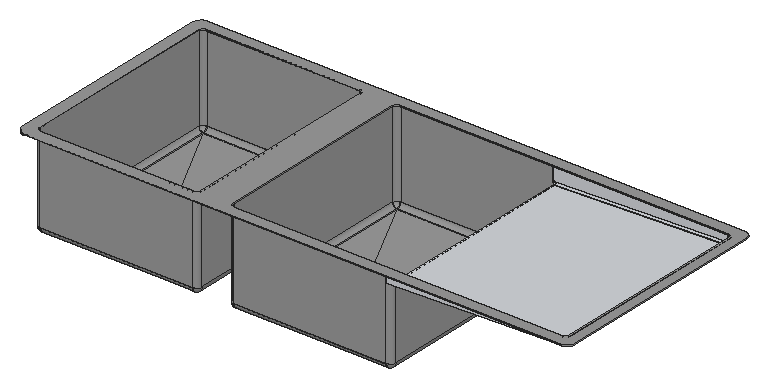
Revit family "BUILDMAT-SNA0022-Theo-1200-Drainboard-Stainless-Steel", category Plumbing Fixtures, host Face, Revit 2022
Family settings
  Host = Face
  Round Connector Dimension = Use Diameter
  Part Type = Normal
  Cut with Voids When Loaded = No
  Maintain Annotation Orientation = No
  Shared = No
  Room Calculation Point = No
Parameters (values of type "Theo 1200 Stainless Steel")
  Width 2 = 350.0 mm
  Width 1 = 350.0 mm
  Undermount [instance] = 20.0 mm
  URL = "https://www.buildmat.com.au/products/1200x500-sink"
  Sound Pad 2 = yes
  Sound Pad 1 = yes
  Model = "SNA0022"  # constant formula
  Manufacturer = "BUILDMAT"  # constant formula
  Length = 450.0 mm
  Gap = 70.0 mm
  Drainboard Length = 380.0 mm
  Drain Sound Pad 2 = yes
  Drain Sound Pad 1 = yes
  Description = "Theo 1200x500 Double Bowl with Drain Board Sink"  # constant formula
  Depth = 205.0 mm
  Default Elevation = 1200.0 mm
  D. S. Pad 2 = 175.0 mm
  D. S. Pad 1 = 200.0 mm
  D. Bracket 4 = 50.0 mm
  D. Bracket 3 = 50.0 mm
  D. Bracket 2 = 50.0 mm
  D. Bracket 1 = 100.0 mm
  Created = "22.12.2023"  # constant formula
  Brand = "Alma"  # constant formula
  Bracket 4 = yes
  Bracket 3 = yes
  Bracket 2 = yes
  Bracket 1 = yes
  Material = ALMA Stainless Steel
Reference planes
  plane 1 "Center (Front/Back)": y = 0
  plane 2: z = 0
  plane 3 "Center (Left/Right)": x = 0
  plane 4: x = -35
  plane 5: x = 35
  plane 6: x = -385
  plane 7: x = 385
  plane 8: y = -225
  plane 9: y = 225
  plane 10: x = -410
  plane 11: y = -250
  plane 12: y = 250
  plane 13: x = 210
  plane 14: x = -210
  plane 15: y = 215
  plane 16: y = -215
  plane 17: x = -375
  plane 18: x = -45
  plane 19: x = 45
  plane 20: x = 375
  plane 21: y = 226.5
  plane 22: y = -226.5
  plane 23: x = -386.5
  plane 24: x = -33.5
  plane 25: x = 33.5
  plane 26: x = 386.5
  plane 27: x = -267
  plane 28: x = -153
  plane 29: x = -165
  plane 30: x = -255
  plane 31: x = 153
  plane 32: x = 165
  plane 33: x = 255
  plane 34: x = 267
  plane 35 "Sound Pad 1": x = -185
  plane 36 "Sound Pad 2": x = 210
  plane 37 "Top Substrate": z = -20
  plane 38: z = -18.5
  plane 39 "Bottom Void": z = -225
  plane 40: z = -215
  plane 41: z = -205
  plane 42: z = -220
  plane 43: z = -221.481
  plane 44: z = -216.5
  plane 45 "Sound Pad": z = -125
  plane 46 "Bracket 1": x = -285
  plane 47 "Bracket 2": x = -85
  plane 48 "Bracket 3": x = 85
  plane 49 "Bracket 4": x = 335
  plane 50: y = 125
  plane 51: y = -125
  plane 52: x = -310
  plane 53: x = -110
  plane 54: x = 110
  plane 55: x = 310
  plane 56: z = -185
  plane 57: z = -165
  plane 58 "Drainboard": x = 765
  plane 59: x = 790
  plane 60: x = 766.5
  plane 61: x = 755
  plane 62: z = -35
  plane 63: z = -50
  plane 64: x = 665
Forms (mm)
  Extrusion 1, void
    sketch origin (0, 0, 0) x (1, 0, 0) y (0, 1, 0)
      loop
        arc (-375, 225) -> (-382.071, 222.071) -> (-385, 215) r 10
        line (-385, 215) -> (-385, -215)
        arc (-385, -215) -> (-382.071, -222.071) -> (-375, -225) r 10
        line (-375, -225) -> (755, -225)
        arc (755, -225) -> (762.071, -222.071) -> (765, -215) r 10
        line (765, -215) -> (765, 215)
        arc (765, 215) -> (762.071, 222.071) -> (755, 225) r 10
        line (755, 225) -> (-375, 225)
    from 0 to -18.5
  Extrusion 2, void
    sketch origin (0, 0, 0) x (1, 0, 0) y (0, 1, 0)
      loop
        arc (-390, 250) -> (-404.142, 244.142) -> (-410, 230) r 20
        line (-410, 230) -> (-410, -230)
        arc (-410, -230) -> (-404.142, -244.142) -> (-390, -250) r 20
        line (-390, -250) -> (770, -250)
        arc (770, -250) -> (784.142, -244.142) -> (790, -230) r 20
        line (790, -230) -> (790, 230)
        arc (790, 230) -> (784.142, 244.142) -> (770, 250) r 20
        line (770, 250) -> (-390, 250)
    from -20 to -18.5
  Extrusion 3, void
    sketch origin (0, 0, 0) x (1, 0, 0) y (0, 1, 0)
      loop
        line (-386.5, 226.5) -> (-386.5, -226.5) -> (766.5, -226.5) -> (766.5, 226.5) -> (-386.5, 226.5)
    from -225 to -20
  Extrusion 4, solid, material "ALMA Stainless Steel" <- "Material"
    sketch origin (0, 0, -20) x (-1, 0, 0) y (0, -1, 0)
      loop
        arc (390, -250) -> (404.142, -244.142) -> (410, -230) r 20
        line (410, -230) -> (410, 230)
        arc (410, 230) -> (404.142, 244.142) -> (390, 250) r 20
        line (390, 250) -> (-770, 250)
        arc (-770, 250) -> (-784.142, 244.142) -> (-790, 230) r 20
        line (-790, 230) -> (-790, -230)
        arc (-790, -230) -> (-784.142, -244.142) -> (-770, -250) r 20
        line (-770, -250) -> (390, -250)
      loop
        arc (375, -225) -> (382.071, -222.071) -> (385, -215) r 10
        line (385, -215) -> (385, 215)
        arc (385, 215) -> (382.071, 222.071) -> (375, 225) r 10
        line (375, 225) -> (45, 225)
        arc (45, 225) -> (37.929, 222.071) -> (35, 215) r 10
        line (35, 215) -> (35, -215)
        arc (35, -215) -> (37.929, -222.071) -> (45, -225) r 10
        line (45, -225) -> (375, -225)
      loop
        line (-35, -215) -> (-35, 215)
        arc (-35, 215) -> (-37.929, 222.071) -> (-45, 225) r 10
        line (-45, 225) -> (-755, 225)
        arc (-755, 225) -> (-762.071, 222.071) -> (-765, 215) r 10
        line (-765, 215) -> (-765, -215)
        arc (-765, -215) -> (-762.071, -222.071) -> (-755, -225) r 10
        line (-755, -225) -> (-45, -225)
        arc (-45, -225) -> (-37.929, -222.071) -> (-35, -215) r 10
    from 0 to 1.5
  Extrusion 5, solid, material "ALMA Stainless Steel" <- "Material"
    sketch origin (0, 0, -20) x (-1, 0, 0) y (0, -1, 0)
      loop
        arc (375, -225) -> (382.071, -222.071) -> (385, -215) r 10
        line (385, -215) -> (385, 215)
        arc (385, 215) -> (382.071, 222.071) -> (375, 225) r 10
        line (375, 225) -> (45, 225)
        arc (45, 225) -> (37.929, 222.071) -> (35, 215) r 10
        line (35, 215) -> (35, -215)
        arc (35, -215) -> (37.929, -222.071) -> (45, -225) r 10
        line (45, -225) -> (375, -225)
      loop
        arc (375, -226.5) -> (383.132, -223.132) -> (386.5, -215) r 11.5
        line (386.5, -215) -> (386.5, 215)
        arc (386.5, 215) -> (383.132, 223.132) -> (375, 226.5) r 11.5
        line (375, 226.5) -> (45, 226.5)
        arc (45, 226.5) -> (36.868, 223.132) -> (33.5, 215) r 11.5
        line (33.5, 215) -> (33.5, -215)
        arc (33.5, -215) -> (36.868, -223.132) -> (45, -226.5) r 11.5
        line (45, -226.5) -> (375, -226.5)
    from 0 to -185
  Extrusion 6, solid, material "ALMA Stainless Steel" <- "Material"
    sketch origin (0, 0, -20) x (-1, 0, 0) y (0, -1, 0)
      loop
        arc (-45, -225) -> (-37.929, -222.071) -> (-35, -215) r 10
        line (-35, -215) -> (-35, 215)
        arc (-35, 215) -> (-37.929, 222.071) -> (-45, 225) r 10
        line (-45, 225) -> (-375, 225)
        arc (-375, 225) -> (-382.071, 222.071) -> (-385, 215) r 10
        line (-385, 215) -> (-385, -215)
        arc (-385, -215) -> (-382.071, -222.071) -> (-375, -225) r 10
        line (-375, -225) -> (-45, -225)
      loop
        line (-33.5, -215) -> (-33.5, 215)
        arc (-33.5, 215) -> (-36.868, 223.132) -> (-45, 226.5) r 11.5
        line (-45, 226.5) -> (-375, 226.5)
        arc (-375, 226.5) -> (-383.132, 223.132) -> (-386.5, 215) r 11.5
        line (-386.5, 215) -> (-386.5, -215)
        arc (-386.5, -215) -> (-383.132, -223.132) -> (-375, -226.5) r 11.5
        line (-375, -226.5) -> (-45, -226.5)
        arc (-45, -226.5) -> (-36.868, -223.132) -> (-33.5, -215) r 11.5
    from 0 to -185
  Extrusion 7, solid, material "ALMA Stainless Steel" <- "Material"
    sketch origin (0, 0, 0) x (1, 0, 0) y (0, 0, 1)
      loop
        line (-385, -205) -> (-386.5, -205)
        arc (-386.5, -205) -> (-383.132, -213.132) -> (-375, -216.5) r 11.5
        line (-375, -216.5) -> (-375, -215)
        arc (-375, -215) -> (-382.071, -212.071) -> (-385, -205) r 10
    from -215 to 215
  Extrusion 8, solid, material "ALMA Stainless Steel" <- "Material"
    sketch origin (0, 0, 0) x (1, 0, 0) y (0, 0, 1)
      loop
        arc (-35, -205) -> (-37.929, -212.071) -> (-45, -215) r 10
        line (-45, -215) -> (-45, -216.5)
        arc (-45, -216.5) -> (-36.868, -213.132) -> (-33.5, -205) r 11.5
        line (-33.5, -205) -> (-35, -205)
    from -215 to 215
  Extrusion 9, solid, material "ALMA Stainless Steel" <- "Material"
    sketch origin (0, 0, 0) x (1, 0, 0) y (0, 0, 1)
      loop
        line (35, -205) -> (33.5, -205)
        arc (33.5, -205) -> (36.868, -213.132) -> (45, -216.5) r 11.5
        line (45, -216.5) -> (45, -215)
        arc (45, -215) -> (37.929, -212.071) -> (35, -205) r 10
    from -215 to 215
  Extrusion 10, solid, material "ALMA Stainless Steel" <- "Material"
    sketch origin (0, 0, 0) x (1, 0, 0) y (0, 0, 1)
      loop
        arc (385, -205) -> (382.071, -212.071) -> (375, -215) r 10
        line (375, -215) -> (375, -216.5)
        arc (375, -216.5) -> (383.132, -213.132) -> (386.5, -205) r 11.5
        line (386.5, -205) -> (385, -205)
    from -215 to 215
  Extrusion 11, solid, material "ALMA Stainless Steel" <- "Material"
    sketch origin (0, 0, 0) x (0, 1, 0) y (0, 0, 1)
      loop
        line (226.5, -205) -> (225, -205)
        arc (225, -205) -> (222.071, -212.071) -> (215, -215) r 10
        line (215, -215) -> (215, -216.5)
        arc (215, -216.5) -> (223.132, -213.132) -> (226.5, -205) r 11.5
    from 45 to 375
  Extrusion 12, solid, material "ALMA Stainless Steel" <- "Material"
    sketch origin (0, 0, 0) x (0, 1, 0) y (0, 0, 1)
      loop
        line (-225, -205) -> (-226.5, -205)
        arc (-226.5, -205) -> (-223.132, -213.132) -> (-215, -216.5) r 11.5
        line (-215, -216.5) -> (-215, -215)
        arc (-215, -215) -> (-222.071, -212.071) -> (-225, -205) r 10
    from 45 to 375
  Extrusion 13, solid, material "ALMA Stainless Steel" <- "Material"
    sketch origin (0, 0, 0) x (0, 1, 0) y (0, 0, 1)
      loop
        arc (225, -205) -> (222.071, -212.071) -> (215, -215) r 10
        line (215, -215) -> (215, -216.5)
        arc (215, -216.5) -> (223.132, -213.132) -> (226.5, -205) r 11.5
        line (226.5, -205) -> (225, -205)
    from -375 to -45
  Extrusion 14, solid, material "ALMA Stainless Steel" <- "Material"
    sketch origin (0, 0, 0) x (0, 1, 0) y (0, 0, 1)
      loop
        line (-225, -205) -> (-226.5, -205)
        arc (-226.5, -205) -> (-223.132, -213.132) -> (-215, -216.5) r 11.5
        line (-215, -216.5) -> (-215, -215)
        arc (-215, -215) -> (-222.071, -212.071) -> (-225, -205) r 10
    from -375 to -45
  Revolve 15, solid, material "ALMA Stainless Steel" <- "Material"
    sketch origin (-423.435, 215, 4000) x (-1, 0, 0) y (0, 0, 1)
      loop
        arc (-38.435, -4205) -> (-41.364, -4212.071) -> (-48.435, -4215) r 10
        line (-48.435, -4215) -> (-48.435, -4216.5)
        arc (-48.435, -4216.5) -> (-40.304, -4213.132) -> (-36.935, -4205) r 11.5
        line (-36.935, -4205) -> (-38.435, -4205)
      axis (-48.435, -4205) -> (-48.435, -4216.5)
    angle from -90 to 0
  Revolve 16, solid, material "ALMA Stainless Steel" <- "Material"
    sketch origin (-423.435, 215, 4000) x (-1, 0, 0) y (0, 0, 1)
      loop
        line (-388.435, -4205) -> (-389.935, -4205)
        arc (-389.935, -4205) -> (-386.567, -4213.132) -> (-378.435, -4216.5) r 11.5
        line (-378.435, -4216.5) -> (-378.435, -4215)
        arc (-378.435, -4215) -> (-385.506, -4212.071) -> (-388.435, -4205) r 10
      axis (-378.435, -4205) -> (-378.435, -4216.5)
    angle from -90 to 0
  Revolve 17, solid, material "ALMA Stainless Steel" <- "Material"
    sketch origin (-423.435, 215, 4000) x (-1, 0, 0) y (0, 0, 1)
      loop
        arc (-458.435, -4205) -> (-461.364, -4212.071) -> (-468.435, -4215) r 10
        line (-468.435, -4215) -> (-468.435, -4216.5)
        arc (-468.435, -4216.5) -> (-460.304, -4213.132) -> (-456.935, -4205) r 11.5
        line (-456.935, -4205) -> (-458.435, -4205)
      axis (-468.435, -4205) -> (-468.435, -4216.5)
    angle from -90 to 0
  Revolve 18, solid, material "ALMA Stainless Steel" <- "Material"
    sketch origin (-423.435, 215, 4000) x (-1, 0, 0) y (0, 0, 1)
      loop
        line (-808.435, -4205) -> (-809.935, -4205)
        arc (-809.935, -4205) -> (-806.567, -4213.132) -> (-798.435, -4216.5) r 11.5
        line (-798.435, -4216.5) -> (-798.435, -4215)
        arc (-798.435, -4215) -> (-805.506, -4212.071) -> (-808.435, -4205) r 10
      axis (-798.435, -4205) -> (-798.435, -4216.5)
    angle from -90 to 0
  Revolve 19, solid, material "ALMA Stainless Steel" <- "Material"
    sketch origin (-423.435, -215, 4000) x (-1, 0, 0) y (0, 0, 1)
      loop
        arc (-38.435, -4205) -> (-41.364, -4212.071) -> (-48.435, -4215) r 10
        line (-48.435, -4215) -> (-48.435, -4216.5)
        arc (-48.435, -4216.5) -> (-40.304, -4213.132) -> (-36.935, -4205) r 11.5
        line (-36.935, -4205) -> (-38.435, -4205)
      axis (-48.435, -4205) -> (-48.435, -4216.5)
    angle from 0 to 90
  Revolve 20, solid, material "ALMA Stainless Steel" <- "Material"
    sketch origin (-423.435, -215, 4000) x (-1, 0, 0) y (0, 0, 1)
      loop
        arc (-389.935, -4205) -> (-386.567, -4213.132) -> (-378.435, -4216.5) r 11.5
        line (-378.435, -4216.5) -> (-378.435, -4215)
        arc (-378.435, -4215) -> (-385.506, -4212.071) -> (-388.435, -4205) r 10
        line (-388.435, -4205) -> (-389.935, -4205)
      axis (-378.435, -4205) -> (-378.435, -4216.5)
    angle from 0 to 90
  Revolve 21, solid, material "ALMA Stainless Steel" <- "Material"
    sketch origin (-423.435, -215, 4000) x (-1, 0, 0) y (0, 0, 1)
      loop
        line (-456.935, -4205) -> (-458.435, -4205)
        arc (-458.435, -4205) -> (-461.364, -4212.071) -> (-468.435, -4215) r 10
        line (-468.435, -4215) -> (-468.435, -4216.5)
        arc (-468.435, -4216.5) -> (-460.304, -4213.132) -> (-456.935, -4205) r 11.5
      axis (-468.435, -4205) -> (-468.435, -4216.5)
    angle from 0 to 90
  Revolve 22, solid, material "ALMA Stainless Steel" <- "Material"
    sketch origin (-423.435, -215, 4000) x (-1, 0, 0) y (0, 0, 1)
      loop
        arc (-809.935, -4205) -> (-806.567, -4213.132) -> (-798.435, -4216.5) r 11.5
        line (-798.435, -4216.5) -> (-798.435, -4215)
        arc (-798.435, -4215) -> (-805.506, -4212.071) -> (-808.435, -4205) r 10
        line (-808.435, -4205) -> (-809.935, -4205)
      axis (-798.435, -4205) -> (-798.435, -4216.5)
    angle from 0 to 90
  Extrusion 23, solid, material "ALMA Stainless Steel" <- "Material"
    sketch origin (0, 0, -20) x (-1, 0, 0) y (0, -1, 0)
      loop
        line (45, -215) -> (375, -215) -> (375, 215) -> (45, 215) -> (45, -215)
    from -196.5 to -195
  Extrusion 24, solid, material "ALMA Stainless Steel" <- "Material"
    sketch origin (0, 0, -20) x (-1, 0, 0) y (0, -1, 0)
      loop
        line (-45, -215) -> (-45, 215) -> (-375, 215) -> (-375, -215) -> (-45, -215)
    from -196.5 to -195
  Blend 25, solid, material "ALMA Stainless Steel" <- "Material"
    base sketch origin (0, 0, -20) x (-1, 0, 0) y (0, -1, 0)
      loop
        circle (210, 0) r 57
    top sketch origin (0, 0, -20) x (-1, 0, 0) y (0, -1, 0)
      loop
        line (375, -215) -> (375, 215) -> (45, 215) -> (45, -215) -> (375, -215)
    from -201.481 to -196.5
  Blend 26, solid, material "ALMA Stainless Steel" <- "Material"
    base sketch origin (0, 0, -20) x (-1, 0, 0) y (0, -1, 0)
      loop
        circle (-210, 0) r 57
    top sketch origin (0, 0, -20) x (-1, 0, 0) y (0, -1, 0)
      loop
        line (-45, -215) -> (-45, 215) -> (-375, 215) -> (-375, -215) -> (-45, -215)
    from -201.481 to -196.5
  Blend 27, void
    base sketch origin (0, 0, -20) x (-1, 0, 0) y (0, -1, 0)
      loop
        circle (210, 0) r 57
    top sketch origin (0, 0, -20) x (-1, 0, 0) y (0, -1, 0)
      loop
        line (375, -215) -> (375, 215) -> (45, 215) -> (45, -215) -> (375, -215)
    from -200 to -195
  Blend 28, void
    base sketch origin (0, 0, -20) x (-1, 0, 0) y (0, -1, 0)
      loop
        circle (-210, 0) r 57
    top sketch origin (0, 0, -20) x (-1, 0, 0) y (0, -1, 0)
      loop
        line (-45, -215) -> (-45, 215) -> (-375, 215) -> (-375, -215) -> (-45, -215)
    from -200 to -195
  Extrusion 29, void
    sketch origin (0, 0, -225) x (-1, 0, 0) y (0, -1, 0)
      loop
        circle (210, 0) r 57
    from 0 to 5
  Extrusion 30, void
    sketch origin (0, 0, -225) x (-1, 0, 0) y (0, -1, 0)
      loop
        circle (-210, 0) r 57
    from 0 to 5
  Revolve 31, solid, material "ALMA Stainless Steel" <- "Material"
    sketch origin (0, 0, 0) x (1, 0, 0) y (0, 0, 1)
      loop
        spline (-267, -220) -> (-266.897, -220.653) -> (-266.591, -221.294) -> (-266.087, -221.913) -> (-265.392, -222.5) -> (-264.52, -223.044) -> (-263.485, -223.536) -> (-262.305, -223.967) -> (-261, -224.33) -> (-259.592, -224.619) -> (-258.106, -224.83) -> (-256.566, -224.957) -> (-255, -225)
        line (-255, -225) -> (-255, -223.5)
        spline (-255, -223.5) -> (-256.371, -223.47) -> (-257.718, -223.381) -> (-259.018, -223.234) -> (-260.25, -223.031) -> (-261.392, -222.777) -> (-262.425, -222.475) -> (-263.33, -222.131) -> (-264.093, -221.75) -> (-264.701, -221.339) -> (-265.142, -220.906) -> (-265.41, -220.457) -> (-265.5, -220)
        line (-265.5, -220) -> (-267, -220)
      axis (-210, -225) -> (-210, -220)
    angle from 0 to 360
  Revolve 32, solid, material "ALMA Stainless Steel" <- "Material"
    sketch origin (0, 0, 0) x (1, 0, 0) y (0, 0, 1)
      loop
        line (267, -220) -> (265.5, -220)
        spline (265.5, -220) -> (265.41, -220.457) -> (265.142, -220.906) -> (264.701, -221.339) -> (264.093, -221.75) -> (263.33, -222.131) -> (262.425, -222.475) -> (261.392, -222.777) -> (260.25, -223.031) -> (259.018, -223.234) -> (257.718, -223.381) -> (256.371, -223.47) -> (255, -223.5)
        line (255, -223.5) -> (255, -225)
        spline (255, -225) -> (256.566, -224.957) -> (258.106, -224.83) -> (259.592, -224.619) -> (261, -224.33) -> (262.305, -223.967) -> (263.485, -223.536) -> (264.52, -223.044) -> (265.392, -222.5) -> (266.087, -221.913) -> (266.591, -221.294) -> (266.897, -220.653) -> (267, -220)
      axis (210, -220) -> (210, -225)
    angle from 0 to 360
  Extrusion 33, solid
    sketch origin (0, 0, 0) x (1, 0, 0) y (0, 0, 1)
      loop
        line (375, -50) -> (766.5, -35) -> (766.5, -20) -> (765, -20) -> (765, -33.561) -> (375, -48.499) -> (375, -50)
    from -215 to 215
  Revolve 34, solid
    sketch origin (-423.435, 215, 4000) x (-1, 0, 0) y (0, 0, 1)
      loop
        line (-1189.935, -4035) -> (-1178.435, -4035.441) -> (-1178.435, -4033.944) -> (-1188.435, -4033.561) -> (-1188.435, -4020) -> (-1189.935, -4020) -> (-1189.935, -4035)
      axis (-1178.435, -4035.441) -> (-1178.435, -4020)
    angle from -90 to 0
  Revolve 35, solid
    sketch origin (-423.435, -215, 4000) x (-1, 0, 0) y (0, 0, 1)
      loop
        line (-1189.935, -4035) -> (-1178.435, -4035.441) -> (-1178.435, -4033.944) -> (-1188.435, -4033.561) -> (-1188.435, -4020) -> (-1189.935, -4020) -> (-1189.935, -4035)
      axis (-1178.435, -4035.441) -> (-1178.435, -4020)
    angle from 0 to 90
  SweptBlend 36, solid
    path origin (0, 0, -20) x (-1, 0, 0) y (0, -1, 0)
      loop
        line (-375, -225) -> (-755, -225)
    profile origin (375, 225, -20) x (0, 1, 0) y (0, 0, 1)
      loop
        line (0, -28.084) -> (-10, -28.499) -> (-10, -30) -> (1.5, -29.523) -> (1.5, 0) -> (0, 0) -> (0, -28.084)
    end profile origin (755, 225, -20) x (0, 1, 0) y (0, 0, 1)
      loop
        line (0, -13.561) -> (-10, -13.976) -> (-10, -15.477) -> (1.5, -15) -> (1.5, 0) -> (0, 0) -> (0, -13.561)
  Extrusion 37, void
    sketch origin (0, 0, -20) x (-1, 0, 0) y (0, -1, 0)
      loop
        arc (-385, -215) -> (-382.071, -222.071) -> (-375, -225) r 10
        line (-375, -225) -> (-375, 225)
        arc (-375, 225) -> (-382.071, 222.071) -> (-385, 215) r 10
        line (-385, 215) -> (-385, -215)
    from -30 to 0
  SweptBlend 38, solid
    path origin (0, 0, -20) x (-1, 0, 0) y (0, -1, 0)
      loop
        line (-375, 215) -> (-755, 215)
    profile origin (375, -215, -20) x (0, 1, 0) y (0, 0, 1)
      loop
        line (-11.5, -29.523) -> (0, -30) -> (0, -28.499) -> (-10, -28.084) -> (-10, 0) -> (-11.5, 0) -> (-11.5, -29.523)
    end profile origin (755, -215, -20) x (0, 1, 0) y (0, 0, 1)
      loop
        line (0, -15.477) -> (0, -13.976) -> (-10, -13.561) -> (-10, 0) -> (-11.5, 0) -> (-11.5, -15) -> (0, -15.477)
  SweptBlend 39, void
    path origin (0, 0, -20) x (-1, 0, 0) y (0, -1, 0)
      loop
        line (-375, 0) -> (-755, 0)
    profile origin (375, 0, -20) x (0, 1, 0) y (0, 0, 1)
      loop
        line (-215, -30) -> (215, -30) -> (226.5, -29.523) -> (226.5, 0) -> (-226.5, 0) -> (-226.5, -29.523) -> (-215, -30)
    end profile origin (755, 0, -20) x (0, 1, 0) y (0, 0, 1)
      loop
        line (226.5, 0) -> (-226.5, 0) -> (-226.5, -15) -> (226.5, -15) -> (226.5, 0)
Cuts and joins
  Blend 27, Extrusion 29 cuts Extrusion 23
  Blend 27, Extrusion 29 cuts Blend 25
  joined: Extrusion 23, Blend 25
  Blend 28, Extrusion 30 cuts Extrusion 24
  Blend 28, Extrusion 30 cuts Blend 26
  joined: Extrusion 24, Blend 26
  Extrusion 37 cuts Extrusion 33
  Extrusion 37 cuts SweptBlend 36
  Extrusion 37 cuts SweptBlend 38
  SweptBlend 39 cuts Extrusion 4
  SweptBlend 39 cuts Extrusion 6
  SweptBlend 39 cuts Revolve 34
  SweptBlend 39 cuts Revolve 35
Lines and regions (mm)
  Masking region 1
    outline origin (0, 0, 0) x (1, 0, 0) y (0, 0, 1)
      loop
        line (-385, -20) -> (-385, -205)
        arc (-385, -205) -> (-382.071, -212.071) -> (-375, -215) r 10
        line (-375, -215) -> (-267, -220) -> (-153, -220) -> (-45, -215)
        arc (-45, -215) -> (-37.929, -212.071) -> (-35, -205) r 10
        line (-35, -205) -> (-35, -20) -> (-385, -20)
  Masking region 2
    outline origin (0, 0, 0) x (1, 0, 0) y (0, 0, 1)
      loop
        line (35, -20) -> (35, -205)
        arc (35, -205) -> (37.609, -211.736) -> (44.076, -214.957) r 10
        line (44.076, -214.957) -> (153, -220) -> (267, -220) -> (375, -215)
        arc (375, -215) -> (382.071, -212.071) -> (385, -205) r 10
        line (385, -205) -> (385, -20) -> (35, -20)
  Masking region 3, visible <- "Drain Sound Pad 1"
    outline origin (0, 0, 0) x (1, 0, 0) y (0, 0, 1)
      loop
        line (-267, -221.481) -> (-310, -219.498) -> (-310, -225) -> (-267, -225) -> (-267, -221.481)
  Masking region 4, visible <- "Drain Sound Pad 1"
    outline origin (0, 0, 0) x (1, 0, 0) y (0, 0, 1)
      loop
        line (-153, -221.481) -> (-153, -225) -> (-110, -225) -> (-110, -219.498) -> (-153, -221.481)
  Masking region 5, visible <- "Drain Sound Pad 2"
    outline origin (0, 0, 0) x (1, 0, 0) y (0, 0, 1)
      loop
        line (110, -219.498) -> (110, -225) -> (153, -225) -> (153, -221.481) -> (110, -219.498)
  Masking region 6, visible <- "Drain Sound Pad 2"
    outline origin (0, 0, 0) x (1, 0, 0) y (0, 0, 1)
      loop
        line (310, -219.498) -> (267, -221.481) -> (267, -225) -> (310, -225) -> (310, -219.498)
  Masking region 7
    outline origin (0, 0, 0) x (1, 0, 0) y (0, 0, 1)
      loop
        line (-33.5, -165) -> (-33.5, -185) -> (33.5, -185) -> (33.5, -165) -> (-33.5, -165)
  Masking region 8
    outline origin (-423.435, -215, 4000) x (-1, 0, 0) y (0, 0, 1)
      loop
        line (-1200.935, -4020) -> (-1202.435, -4020) -> (-1202.435, -4035) -> (-1200.935, -4035) -> (-1200.935, -4020)
  Masking region 9
    outline origin (-423.435, -215, 4000) x (-1, 0, 0) y (0, 0, 1)
      loop
        line (-809.935, -4097.929) -> (-809.935, -4055.503) -> (-816.174, -4049.264) -> (-860.437, -4047.427) -> (-809.935, -4097.929)
  Masking region 10
    outline origin (0, 0, -20) x (-1, 0, 0) y (0, -1, 0)
      loop
        arc (-375, -225) -> (-382.071, -222.071) -> (-385, -215) r 10
        line (-385, -215) -> (-385, 215)
        arc (-385, 215) -> (-382.071, 222.071) -> (-375, 225) r 10
        line (-375, 225) -> (-755, 225)
        arc (-755, 225) -> (-762.071, 222.071) -> (-765, 215) r 10
        line (-765, 215) -> (-765, -215)
        arc (-765, -215) -> (-762.071, -222.071) -> (-755, -225) r 10
        line (-755, -225) -> (-375, -225)
Text (mm)
  text "Refer to www.buildmat.com.au for the most current product literature. \nAllow a +/- 5mm tolerance for dimensions shown in the product literature. \nPlease note product details are subject to change due to ongoing product development." at (0.056, -1035.857, 0), in view "Ref. Level"
Dimensions and locks
  equal spacing: plane 4, plane 3 "Center (Left/Right)", plane 5
  "Gap": plane 4 to plane 5
  "Width 1": plane 6 to plane 4
  "Width 2": plane 5 to plane 7
  equal spacing: plane 9, plane 1 "Center (Front/Back)", plane 8
  "Length": plane 8 to plane 9
  locked: plane 10 to plane 6 at 25
  locked: plane 12 to plane 9 at 25
  locked: plane 8 to plane 11 at 25
  equal spacing: plane 5, plane 13, plane 7
  equal spacing: plane 6, plane 14, plane 4
  locked: plane 9 to plane 15 at 10
  locked: plane 16 to plane 8 at 10
  locked: plane 6 to plane 17 at 10
  locked: plane 18 to plane 4 at 10
  locked: plane 5 to plane 19 at 10
  locked: plane 20 to plane 7 at 10
  locked: plane 8 to plane 22 at 1.5
  locked: plane 21 to plane 9 at 1.5
  locked: plane 23 to plane 6 at 1.5
  locked: plane 4 to plane 24 at 1.5
  locked: plane 25 to plane 5 at 1.5
  locked: plane 7 to plane 26 at 1.5
  plane 27 to plane 14 to plane 28 = 57.0 mm locked, 57.0 mm locked
  plane 30 to plane 14 to plane 29 = 45.0 mm locked, 45.0 mm locked
  plane 31 to plane 13 to plane 34 = 57.0 mm locked, 57.0 mm locked
  plane 32 to plane 13 to plane 33 = 45.0 mm locked, 45.0 mm locked
  locked: plane 38 to plane 37 "Top Substrate" at 1.5
  plane 41 to plane 40 to plane 39 "Bottom Void" = 10.0 mm locked, 10.0 mm locked
  locked: plane 42 to plane 39 "Bottom Void" at 5
  locked: plane 42 to plane 43 at 1.481
  locked: plane 40 to plane 44 at 1.5
  locked: plane 45 "Sound Pad" to plane 39 "Bottom Void" at 100
  "Depth": plane 37 "Top Substrate" to plane 39 "Bottom Void"
  "Undermount": plane 2 to plane 37 "Top Substrate"
  "D. S. Pad 1": plane 35 "Sound Pad 1" to plane 6
  "D. S. Pad 2": plane 7 to plane 36 "Sound Pad 2"
  "D. Bracket 1": plane 46 "Bracket 1" to plane 6
  "D. Bracket 2": plane 4 to plane 47 "Bracket 2"
  "D. Bracket 3": plane 48 "Bracket 3" to plane 5
  "D. Bracket 4": plane 7 to plane 49 "Bracket 4"
  locked: plane 9 to plane 50 at 100
  locked: plane 51 to plane 8 at 100
  plane 53 to plane 14 to plane 52 = 100.0 mm locked, 100.0 mm locked
  plane 55 to plane 13 to plane 54 = 100.0 mm locked, 100.0 mm locked
  plane 57 to plane 56 to plane 41 = 20.0 mm locked, 20.0 mm locked
  "Drainboard Length": plane 7 to plane 58 "Drainboard"
  locked: plane 58 "Drainboard" to plane 59 at 25
  locked: plane 58 "Drainboard" to plane 60 at 1.5
  locked: plane 61 to plane 58 "Drainboard" at 10
  plane 37 "Top Substrate" to plane 62 to plane 63 = 15.0 mm locked, 15.0 mm locked
  locked: plane 64 to plane 58 "Drainboard" at 100
  aligned and locked: plane 2 to host face
  aligned and locked: level to host face
  aligned and locked: Extrusion 1 sketch curve to plane 9
  aligned and locked: Extrusion 1 sketch curve to plane 6
  aligned and locked: Extrusion 1 sketch curve to plane 8
  aligned and locked: Extrusion 1 to level
  aligned and locked: Extrusion 1 to plane 38
  aligned and locked: Extrusion 2 sketch curve to plane 12
  aligned and locked: Extrusion 2 sketch curve to plane 10
  aligned and locked: Extrusion 2 sketch curve to plane 11
  aligned and locked: Extrusion 2 to plane 37 "Top Substrate"
  aligned and locked: Extrusion 2 to plane 38
  aligned and locked: Extrusion 3 sketch curve to plane 21
  aligned and locked: Extrusion 3 sketch curve to plane 23
  aligned and locked: Extrusion 3 sketch curve to plane 22
  aligned and locked: Extrusion 3 to plane 39 "Bottom Void"
  aligned and locked: Extrusion 3 to plane 37 "Top Substrate"
  aligned and locked: Extrusion 4 sketch curve to plane 12
  aligned and locked: Extrusion 4 sketch curve to plane 10
  aligned and locked: Extrusion 4 sketch curve to plane 11
  aligned and locked: Extrusion 4 sketch curve to plane 9  (x2)
  aligned and locked: Extrusion 4 sketch curve to plane 6
  aligned and locked: Extrusion 4 sketch curve to plane 8  (x2)
  aligned and locked: Extrusion 4 sketch curve to plane 4
  aligned and locked: Extrusion 4 sketch curve to plane 5
  aligned and locked: Extrusion 4 to plane 37 "Top Substrate"
  aligned and locked: Extrusion 4 to plane 38
  aligned and locked: Extrusion 5 sketch curve to plane 9
  aligned and locked: Extrusion 5 sketch curve to plane 21
  aligned and locked: Extrusion 5 sketch curve to plane 6
  aligned and locked: Extrusion 5 sketch curve to plane 23
  aligned and locked: Extrusion 5 sketch curve to plane 24
  aligned and locked: Extrusion 5 sketch curve to plane 4
  aligned and locked: Extrusion 5 sketch curve to plane 22
  aligned and locked: Extrusion 5 sketch curve to plane 8
  aligned and locked: Extrusion 5 to plane 41
  aligned and locked: plane 37 "Top Substrate" to Extrusion 5
  aligned and locked: Extrusion 6 sketch curve to plane 9
  aligned and locked: Extrusion 6 sketch curve to plane 7
  aligned and locked: Extrusion 6 sketch curve to plane 8
  aligned and locked: Extrusion 6 sketch curve to plane 5
  aligned and locked: Extrusion 6 sketch curve to plane 25
  aligned and locked: Extrusion 6 sketch curve to plane 26
  aligned and locked: Extrusion 6 sketch curve to plane 21
  aligned and locked: Extrusion 6 sketch curve to plane 22
  aligned and locked: Extrusion 6 to plane 41
  aligned and locked: plane 37 "Top Substrate" to Extrusion 6
  aligned and locked: Extrusion 7 sketch curve to plane 41
  aligned and locked: Extrusion 7 sketch curve to plane 17
  aligned and locked: Extrusion 8 sketch curve to plane 41
  aligned and locked: Extrusion 8 sketch curve to plane 18
  aligned and locked: Extrusion 9 sketch curve to plane 41
  aligned and locked: Extrusion 9 sketch curve to plane 19
  aligned and locked: Extrusion 10 sketch curve to plane 20
  aligned and locked: plane 41 to Extrusion 10 sketch curve
  aligned and locked: plane 15 to Extrusion 10
  aligned and locked: plane 15 to Extrusion 9
  aligned and locked: plane 15 to Extrusion 8
  aligned and locked: plane 15 to Extrusion 7
  aligned and locked: Extrusion 10 to plane 16
  aligned and locked: Extrusion 9 to plane 16
  aligned and locked: Extrusion 8 to plane 16
  aligned and locked: Extrusion 7 to plane 16
  aligned and locked: plane 41 to Extrusion 11 sketch curve
  aligned and locked: plane 15 to Extrusion 11 sketch curve
  aligned and locked: plane 16 to Extrusion 12 sketch curve
  aligned and locked: plane 41 to Extrusion 12 sketch curve
  aligned and locked: plane 20 to Extrusion 11
  aligned and locked: plane 20 to Extrusion 12
  aligned and locked: Extrusion 11 to plane 19
  aligned and locked: Extrusion 12 to plane 19
  aligned and locked: plane 15 to Extrusion 13 sketch curve
  aligned and locked: plane 41 to Extrusion 13 sketch curve
  aligned and locked: plane 16 to Extrusion 14 sketch curve
  aligned and locked: plane 41 to Extrusion 14 sketch curve
  aligned and locked: Extrusion 14 to plane 17
  aligned and locked: plane 18 to Extrusion 14
  aligned and locked: Extrusion 13 to plane 17
  aligned and locked: plane 18 to Extrusion 13
  aligned and locked: Revolve 15 sketch curve to plane 17
  aligned and locked: plane 41 to Revolve 15 sketch curve
  aligned and locked: plane 17 to Revolve 15 sketch curve
  aligned and locked: plane 17 to Revolve 15
  aligned and locked: plane 15 to Revolve 15
  aligned and locked: Revolve 16 sketch curve to plane 18
  aligned and locked: plane 18 to Revolve 16 sketch curve
  aligned and locked: plane 41 to Revolve 16 sketch curve
  aligned and locked: Revolve 16 to plane 18
  aligned and locked: plane 15 to Revolve 16
  aligned and locked: Revolve 17 sketch curve to plane 19
  aligned and locked: plane 41 to Revolve 17 sketch curve
  aligned and locked: plane 19 to Revolve 17 sketch curve
  aligned and locked: plane 19 to Revolve 17
  aligned and locked: plane 15 to Revolve 17
  aligned and locked: Revolve 18 sketch curve to plane 20
  aligned and locked: plane 20 to Revolve 18 sketch curve
  aligned and locked: plane 41 to Revolve 18 sketch curve
  aligned and locked: Revolve 18 to plane 20
  aligned and locked: plane 15 to Revolve 18
  aligned and locked: Revolve 19 sketch curve to plane 17
  aligned and locked: plane 41 to Revolve 19 sketch curve
  aligned and locked: plane 17 to Revolve 19 sketch curve
  aligned and locked: Revolve 19 to plane 17
  aligned and locked: plane 16 to Revolve 19
  aligned and locked: Revolve 20 sketch curve to plane 18
  aligned and locked: plane 41 to Revolve 20 sketch curve
  aligned and locked: plane 18 to Revolve 20 sketch curve
  aligned and locked: plane 18 to Revolve 20
  aligned and locked: plane 16 to Revolve 20
  aligned and locked: Revolve 21 sketch curve to plane 19
  aligned and locked: plane 41 to Revolve 21 sketch curve
  aligned and locked: plane 19 to Revolve 21 sketch curve
  aligned and locked: Revolve 21 to plane 19
  aligned and locked: plane 16 to Revolve 21
  aligned and locked: Revolve 22 sketch curve to plane 20
  aligned and locked: plane 41 to Revolve 22 sketch curve
  aligned and locked: plane 20 to Revolve 22 sketch curve
  aligned and locked: plane 16 to Revolve 22
  aligned and locked: plane 20 to Revolve 22
  aligned and locked: Extrusion 23 sketch curve to plane 18
  aligned and locked: Extrusion 23 sketch curve to plane 17
  aligned and locked: Extrusion 23 sketch curve to plane 15
  aligned and locked: Extrusion 23 sketch curve to plane 16
  aligned and locked: Extrusion 23 to plane 44
  aligned and locked: plane 40 to Extrusion 23
  aligned and locked: Extrusion 24 sketch curve to plane 15
  aligned and locked: Extrusion 24 sketch curve to plane 16
  aligned and locked: Extrusion 24 sketch curve to plane 20
  aligned and locked: Extrusion 24 sketch curve to plane 19
  aligned and locked: Extrusion 24 to plane 44
  aligned and locked: Extrusion 24 to plane 40
  aligned and locked: plane 43 to Blend 25
  aligned and locked: plane 44 to Blend 25
  aligned and locked: plane 43 to Blend 26
  aligned and locked: Blend 26 to plane 44
  aligned and locked: Blend 25 sketch curve to plane 15
  aligned and locked: Blend 25 sketch curve to plane 16
  aligned and locked: Blend 25 sketch curve to plane 17
  aligned and locked: Blend 25 sketch curve to plane 18
  aligned and locked: Blend 26 sketch curve to plane 15
  aligned and locked: Blend 26 sketch curve to plane 16
  aligned and locked: Blend 26 sketch curve to plane 20
  aligned and locked: Blend 26 sketch curve to plane 19
  aligned and locked: Blend 27 sketch curve to plane 15
  aligned and locked: Blend 27 sketch curve to plane 16
  aligned and locked: Blend 27 sketch curve to plane 17
  aligned and locked: Blend 27 sketch curve to plane 18
  aligned and locked: Blend 27 to plane 42
  aligned and locked: plane 40 to Blend 27
  aligned and locked: Blend 28 sketch curve to plane 15
  aligned and locked: Blend 28 sketch curve to plane 16
  aligned and locked: Blend 28 sketch curve to plane 20
  aligned and locked: Blend 28 sketch curve to plane 19
  aligned and locked: Blend 28 to plane 42
  aligned and locked: Blend 28 to plane 40
  aligned and locked: Extrusion 29 to plane 39 "Bottom Void"
  aligned and locked: plane 42 to Extrusion 29
  aligned and locked: Extrusion 30 to plane 39 "Bottom Void"
  aligned and locked: plane 42 to Extrusion 30
  aligned and locked: plane 14 to Revolve 31 sketch curve
  aligned and locked: Revolve 31 sketch curve to plane 42
  aligned and locked: plane 30 to Revolve 31 sketch curve
  aligned and locked: Revolve 32 sketch curve to plane 13
  aligned and locked: plane 33 to Revolve 32 sketch curve
  aligned and locked: plane 42 to Revolve 32 sketch curve
  aligned and locked: plane 17 to nested 1
  aligned and locked: plane 18 to nested 1
  aligned and locked: plane 16 to nested 1
  aligned and locked: plane 15 to nested 1
  aligned and locked: plane 19 to nested 2
  aligned and locked: plane 20 to nested 2
  aligned and locked: plane 16 to nested 2
  aligned and locked: plane 13 to nested 4
  aligned and locked: plane 14 to nested 3
  aligned and locked: plane 1 "Center (Front/Back)" to nested 3
  aligned and locked: plane 1 "Center (Front/Back)" to nested 4
  aligned and locked: plane 50 to nested 5
  aligned and locked: plane 23 to nested 5
  aligned and locked: plane 51 to nested 6
  aligned and locked: plane 23 to nested 6
  aligned and locked: nested 11 to plane 46 "Bracket 1"
  aligned and locked: nested 12 to plane 47 "Bracket 2"
  aligned and locked: plane 22 to nested 11
  aligned and locked: plane 22 to nested 12
  aligned and locked: nested 13 to plane 48 "Bracket 3"
  aligned and locked: plane 22 to nested 13
  aligned and locked: nested 14 to plane 49 "Bracket 4"
  aligned and locked: plane 22 to nested 14
  aligned and locked: plane 46 "Bracket 1" to nested 7
  aligned and locked: nested 7 to plane 21
  aligned and locked: plane 47 "Bracket 2" to nested 8
  aligned and locked: nested 8 to plane 21
  aligned and locked: plane 48 "Bracket 3" to nested 9
  aligned and locked: plane 49 "Bracket 4" to nested 10
  aligned and locked: nested 10 to plane 21
  aligned and locked: nested 9 to plane 21
  aligned and locked: Masking region 1 sketch curve to plane 37 "Top Substrate"
  aligned and locked: Masking region 1 sketch curve to plane 6
  aligned and locked: Masking region 1 sketch curve to plane 4
  aligned and locked: Masking region 1 sketch curve to Extrusion 7
  aligned and locked: Masking region 1 sketch curve to Extrusion 8
  aligned and locked: Masking region 1 sketch curve to plane 42
  aligned and locked: Masking region 1 sketch curve to cut or joined group of Extrusion 23, Blend 25, Blend 27, Extrusion 29  (x2)
  aligned and locked: Masking region 2 sketch curve to plane 37 "Top Substrate"
  aligned and locked: Masking region 2 sketch curve to plane 42
  aligned and locked: Masking region 2 sketch curve to plane 7
  aligned and locked: Masking region 2 sketch curve to plane 5
  aligned and locked: Masking region 2 sketch curve to Extrusion 9
  aligned and locked: Masking region 2 sketch curve to cut or joined group of Extrusion 24, Blend 26, Blend 28, Extrusion 30  (x2)
  aligned and locked: Masking region 2 sketch curve to Extrusion 10
  aligned and locked: nested 15 to plane 37 "Top Substrate"
  aligned and locked: plane 46 "Bracket 1" to nested 15
  aligned and locked: nested 16 to plane 37 "Top Substrate"
  aligned and locked: plane 47 "Bracket 2" to nested 16
  aligned and locked: nested 18 to plane 37 "Top Substrate"
  aligned and locked: plane 49 "Bracket 4" to nested 18
  aligned and locked: nested 17 to plane 37 "Top Substrate"
  aligned and locked: plane 48 "Bracket 3" to nested 17
  aligned and locked: nested 19 to plane 45 "Sound Pad"
  aligned and locked: plane 35 "Sound Pad 1" to nested 19
  aligned and locked: nested 20 to plane 45 "Sound Pad"
  aligned and locked: plane 36 "Sound Pad 2" to nested 20
  aligned and locked: Masking region 3 sketch curve to plane 27
  aligned and locked: cut or joined group of Extrusion 23, Blend 25, Blend 27, Extrusion 29 to Masking region 3 sketch curve
  aligned and locked: Masking region 3 sketch curve to plane 39 "Bottom Void"
  aligned and locked: Masking region 3 sketch curve to plane 52
  aligned and locked: Masking region 4 sketch curve to plane 28
  aligned and locked: Masking region 4 sketch curve to plane 53
  aligned and locked: Masking region 4 sketch curve to plane 39 "Bottom Void"
  aligned and locked: Masking region 4 sketch curve to cut or joined group of Extrusion 23, Blend 25, Blend 27, Extrusion 29
  aligned and locked: cut or joined group of Extrusion 24, Blend 26, Blend 28, Extrusion 30 to Masking region 5 sketch curve
  aligned and locked: Masking region 5 sketch curve to plane 54
  aligned and locked: Masking region 5 sketch curve to plane 31
  aligned and locked: Masking region 5 sketch curve to plane 39 "Bottom Void"
  aligned and locked: Masking region 6 sketch curve to plane 55
  aligned and locked: Masking region 6 sketch curve to plane 34
  aligned and locked: Masking region 6 sketch curve to cut or joined group of Extrusion 24, Blend 26, Blend 28, Extrusion 30
  aligned and locked: Masking region 6 sketch curve to plane 39 "Bottom Void"
  aligned and locked: Masking region 7 sketch curve to plane 57
  aligned and locked: Masking region 7 sketch curve to plane 56
  aligned and locked: Masking region 7 sketch curve to plane 24
  aligned and locked: Masking region 7 sketch curve to plane 25
  aligned and locked: Extrusion 4 sketch curve to plane 59
  aligned and locked: Extrusion 4 sketch curve to plane 58 "Drainboard"
  aligned and locked: Extrusion 2 sketch curve to plane 59
  aligned and locked: Extrusion 3 sketch curve to plane 60
  aligned and locked: Extrusion 1 sketch curve to plane 58 "Drainboard"
  aligned and locked: Extrusion 33 sketch curve to plane 20
  aligned and locked: Extrusion 33 sketch curve to plane 60
  aligned and locked: plane 37 "Top Substrate" to Extrusion 33 sketch curve
  aligned and locked: Extrusion 33 sketch curve to plane 58 "Drainboard"
  aligned and locked: Extrusion 33 to plane 15
  aligned and locked: Extrusion 33 to plane 16
  aligned and locked: plane 61 to Revolve 34 sketch curve  (x2)
  aligned and locked: plane 60 to Revolve 34 sketch curve
  aligned and locked: plane 58 "Drainboard" to Revolve 34 sketch curve
  aligned and locked: Revolve 34 sketch curve to Extrusion 33
  aligned and locked: Extrusion 33 to Revolve 34 sketch curve
  aligned and locked: plane 37 "Top Substrate" to Revolve 34 sketch curve
  aligned and locked: Revolve 34 to plane 61
  aligned and locked: Revolve 34 to plane 15
  aligned and locked: Revolve 35 sketch curve to plane 37 "Top Substrate"
  aligned and locked: plane 61 to Revolve 35 sketch curve  (x2)
  aligned and locked: plane 60 to Revolve 35 sketch curve
  aligned and locked: plane 58 "Drainboard" to Revolve 35 sketch curve
  aligned and locked: plane 37 "Top Substrate" to Revolve 35 sketch curve
  aligned and locked: Extrusion 33 to Revolve 35 sketch curve
  aligned and locked: Revolve 35 sketch curve to Extrusion 33
  aligned and locked: Revolve 35 to plane 16
  aligned and locked: plane 61 to Revolve 35
  aligned and locked: plane 20 to SweptBlend 36 sketch curve
  aligned and locked: plane 61 to SweptBlend 36 sketch curve
  aligned and locked: SweptBlend 36 sketch curve to plane 9
  aligned and locked: plane 9 to SweptBlend 36 sketch curve  (x2)
  aligned and locked: plane 21 to SweptBlend 36 sketch curve  (x2)
  aligned and locked: plane 37 "Top Substrate" to SweptBlend 36 sketch curve  (x2)
  aligned and locked: plane 15 to SweptBlend 36 sketch curve  (x2)
  aligned and locked: Extrusion 37 sketch curve to plane 20
  aligned and locked: Extrusion 37 sketch curve to Extrusion 6  (x2)
  aligned and locked: plane 63 to Extrusion 37
  aligned and locked: plane 37 "Top Substrate" to Extrusion 37
  aligned and locked: plane 20 to SweptBlend 38 sketch curve
  aligned and locked: plane 61 to SweptBlend 38 sketch curve
  aligned and locked: SweptBlend 38 sketch curve to plane 16
  aligned and locked: plane 16 to SweptBlend 38 sketch curve  (x2)
  aligned and locked: plane 22 to SweptBlend 38 sketch curve  (x2)
  aligned and locked: plane 8 to SweptBlend 38 sketch curve  (x2)
  aligned and locked: plane 37 "Top Substrate" to SweptBlend 38 sketch curve  (x2)
  aligned and locked: plane 20 to SweptBlend 39 sketch curve
  aligned and locked: plane 1 "Center (Front/Back)" to SweptBlend 39 sketch curve
  aligned and locked: plane 61 to SweptBlend 39 sketch curve
  aligned and locked: plane 63 to SweptBlend 39 sketch curve
  aligned and locked: plane 37 "Top Substrate" to SweptBlend 39 sketch curve
  aligned and locked: plane 21 to SweptBlend 39 sketch curve
  aligned and locked: plane 22 to SweptBlend 39 sketch curve  (x2)
  aligned and locked: SweptBlend 39 sketch curve to plane 21
  aligned and locked: SweptBlend 39 sketch curve to plane 37 "Top Substrate"
  aligned and locked: SweptBlend 39 sketch curve to plane 62
  aligned and locked: nested 21 to plane 21
  aligned and locked: plane 64 to nested 21
  aligned and locked: nested 24 to plane 22
  aligned and locked: nested 24 to plane 64
  aligned and locked: plane 51 to nested 23
  aligned and locked: plane 60 to nested 23
  aligned and locked: plane 50 to nested 22
  aligned and locked: plane 60 to nested 22
  aligned and locked: Masking region 10 sketch curve to plane 9
  aligned and locked: Masking region 10 sketch curve to plane 8
  aligned and locked: Masking region 10 sketch curve to plane 58 "Drainboard"
  aligned and locked: Masking region 10 sketch curve to plane 7
  aligned and locked: nested 2 to cut or joined group of Extrusion 24, Blend 26, Blend 28, Extrusion 30
Automatic sketch dimensions
  host sketch curve to host sketch curve = 2438.4 mm  (x2)
  Extrusion 5 sketch curve to plane 18 = 0.0 mm
  Extrusion 5 sketch curve to plane 17 = 0.0 mm  (x2)
  Extrusion 5 sketch curve to plane 16 = 0.0 mm
  Extrusion 5 sketch curve to Extrusion 5 sketch curve = 0.0 mm  (x4)
  Extrusion 6 sketch curve to plane 20 = 0.0 mm
  Extrusion 6 sketch curve to plane 19 = 0.0 mm  (x2)
  Extrusion 6 sketch curve to plane 15 = 0.0 mm
  Extrusion 6 sketch curve to Extrusion 6 sketch curve = 0.0 mm  (x4)
  Extrusion 7 sketch curve to plane 6 = 0.0 mm
  Extrusion 7 sketch curve to plane 44 = 0.0 mm
  Extrusion 8 sketch curve to plane 4 = 0.0 mm
  Extrusion 8 sketch curve to plane 44 = 0.0 mm
  Extrusion 9 sketch curve to plane 5 = 0.0 mm
  Extrusion 9 sketch curve to plane 44 = 0.0 mm
  Extrusion 10 sketch curve to plane 7 = 0.0 mm
  Extrusion 10 sketch curve to plane 44 = 0.0 mm
  Extrusion 11 sketch curve to plane 9 = 0.0 mm
  Extrusion 11 sketch curve to plane 44 = 0.0 mm
  Extrusion 12 sketch curve to plane 8 = 0.0 mm
  Extrusion 12 sketch curve to plane 44 = 0.0 mm
  Extrusion 13 sketch curve to plane 9 = 0.0 mm
  Extrusion 13 sketch curve to plane 44 = 0.0 mm
  Extrusion 14 sketch curve to plane 8 = 0.0 mm
  Extrusion 14 sketch curve to plane 44 = 0.0 mm
  Revolve 15 sketch curve to plane 6 = 0.0 mm
  Revolve 15 sketch curve to plane 44 = 0.0 mm  (x2)
  Revolve 15 sketch curve to plane 41 = 0.0 mm
  Revolve 16 sketch curve to plane 4 = 0.0 mm
  Revolve 16 sketch curve to plane 44 = 0.0 mm  (x2)
  Revolve 16 sketch curve to plane 41 = 0.0 mm
  Revolve 17 sketch curve to plane 5 = 0.0 mm
  Revolve 17 sketch curve to plane 44 = 0.0 mm  (x2)
  Revolve 17 sketch curve to plane 41 = 0.0 mm
  Revolve 18 sketch curve to plane 7 = 0.0 mm
  Revolve 18 sketch curve to plane 44 = 0.0 mm  (x2)
  Revolve 18 sketch curve to plane 41 = 0.0 mm
  Revolve 19 sketch curve to plane 6 = 0.0 mm
  Revolve 19 sketch curve to plane 44 = 0.0 mm  (x2)
  Revolve 19 sketch curve to plane 41 = 0.0 mm
  Revolve 20 sketch curve to plane 4 = 0.0 mm
  Revolve 20 sketch curve to plane 44 = 0.0 mm  (x2)
  Revolve 20 sketch curve to plane 41 = 0.0 mm
  Revolve 21 sketch curve to plane 5 = 0.0 mm
  Revolve 21 sketch curve to plane 44 = 0.0 mm  (x2)
  Revolve 21 sketch curve to plane 41 = 0.0 mm
  Revolve 22 sketch curve to plane 7 = 0.0 mm
  Revolve 22 sketch curve to plane 44 = 0.0 mm  (x2)
  Revolve 22 sketch curve to plane 41 = 0.0 mm
  plane 1 "Center (Front/Back)" to Blend 25 sketch curve = 0.0 mm
  Blend 25 sketch curve to plane 14 = 0.0 mm
  plane 1 "Center (Front/Back)" to Blend 26 sketch curve = 0.0 mm
  Blend 26 sketch curve to plane 13 = 0.0 mm
  plane 1 "Center (Front/Back)" to Blend 27 sketch curve = 0.0 mm
  Blend 27 sketch curve to plane 14 = 0.0 mm
  plane 1 "Center (Front/Back)" to Blend 28 sketch curve = 0.0 mm
  Blend 28 sketch curve to plane 13 = 0.0 mm
  plane 1 "Center (Front/Back)" to Extrusion 29 sketch curve = 0.0 mm
  Extrusion 29 sketch curve to plane 14 = 0.0 mm
  plane 1 "Center (Front/Back)" to Extrusion 30 sketch curve = 0.0 mm
  Extrusion 30 sketch curve to plane 13 = 0.0 mm
  Revolve 31 sketch curve to plane 27 = 0.0 mm
  Revolve 31 sketch curve to plane 39 "Bottom Void" = 0.0 mm
  Revolve 31 sketch curve to plane 41 = 0.0 mm
  plane 27 to Revolve 31 sketch curve = 1.5 mm
  Revolve 31 sketch curve to Revolve 31 sketch curve = 1.5 mm
  plane 39 "Bottom Void" to Revolve 31 sketch curve = 0.0 mm
  Revolve 32 sketch curve to plane 34 = 0.0 mm
  Revolve 32 sketch curve to plane 39 "Bottom Void" = 0.0 mm
  Revolve 32 sketch curve to plane 41 = 0.0 mm
  Revolve 32 sketch curve to Revolve 32 sketch curve = 1.5 mm  (x2)
  plane 39 "Bottom Void" to Revolve 32 sketch curve = 0.0 mm
  Extrusion 4 sketch curve to plane 16 = 0.0 mm
  Extrusion 4 sketch curve to plane 15 = 0.0 mm  (x3)
  Extrusion 4 sketch curve to plane 19 = 0.0 mm
  Extrusion 4 sketch curve to plane 18 = 0.0 mm  (x2)
  Extrusion 4 sketch curve to plane 17 = 0.0 mm
  plane 58 "Drainboard" to Extrusion 4 sketch curve = 5.0 mm
  Extrusion 4 sketch curve to plane 22 = 3.5 mm  (x2)
  plane 21 to Extrusion 4 sketch curve = 3.5 mm
  Extrusion 2 sketch curve to plane 23 = 3.5 mm
  plane 21 to Extrusion 2 sketch curve = 3.5 mm
  plane 58 "Drainboard" to Extrusion 2 sketch curve = 5.0 mm
  Extrusion 2 sketch curve to plane 22 = 3.5 mm
  Extrusion 1 sketch curve to plane 17 = 0.0 mm  (x2)
  Extrusion 1 sketch curve to plane 61 = 0.0 mm  (x2)
  Extrusion 33 sketch curve to plane 63 = 0.0 mm
  Extrusion 33 sketch curve to plane 62 = 0.0 mm
  Extrusion 33 sketch curve to plane 63 = 1.501 mm
  Extrusion 33 sketch curve to plane 62 = 1.439 mm
  Revolve 34 sketch curve to plane 63 = 0.0 mm
  Revolve 34 sketch curve to plane 38 = 1.5 mm
  Revolve 35 sketch curve to plane 63 = 0.0 mm
  SweptBlend 36 sketch curve to plane 37 "Top Substrate" = 28.084 mm
  SweptBlend 36 sketch curve to SweptBlend 36 sketch curve = 0.415 mm
  SweptBlend 36 sketch curve to SweptBlend 36 sketch curve = 1.501 mm  (x2)
  SweptBlend 36 sketch curve to SweptBlend 36 sketch curve = 1.439 mm  (x2)
  SweptBlend 36 sketch curve to plane 37 "Top Substrate" = 15.477 mm
  SweptBlend 36 sketch curve to SweptBlend 36 sketch curve = 0.477 mm
  SweptBlend 38 sketch curve to plane 37 "Top Substrate" = 13.976 mm
  SweptBlend 38 sketch curve to SweptBlend 38 sketch curve = 0.477 mm
  SweptBlend 38 sketch curve to SweptBlend 38 sketch curve = 1.501 mm  (x2)
  SweptBlend 38 sketch curve to SweptBlend 38 sketch curve = 1.439 mm  (x2)
  SweptBlend 38 sketch curve to plane 37 "Top Substrate" = 28.499 mm
  SweptBlend 38 sketch curve to SweptBlend 38 sketch curve = 0.415 mm
  SweptBlend 39 sketch curve to SweptBlend 39 sketch curve = 11.5 mm  (x2)
  SweptBlend 39 sketch curve to SweptBlend 39 sketch curve = 0.477 mm  (x2)
  Masking region 8 sketch curve to plane 37 "Top Substrate" = 0.0 mm
  Masking region 8 sketch curve to plane 62 = 0.0 mm
  plane 59 to Masking region 8 sketch curve = 11.0 mm
  Masking region 8 sketch curve to Masking region 8 sketch curve = 1.5 mm
  plane 45 "Sound Pad" to Masking region 9 sketch curve = 77.573 mm
  plane 26 to Masking region 9 sketch curve = 50.502 mm
  plane 45 "Sound Pad" to Masking region 9 sketch curve = 75.736 mm
  Masking region 9 sketch curve to Masking region 9 sketch curve = 44.263 mm
  plane 57 to Masking region 9 sketch curve = 67.071 mm
  Masking region 9 sketch curve to Masking region 9 sketch curve = 6.239 mm  (x2)
  Masking region 10 sketch curve to plane 16 = 0.0 mm  (x2)
  Masking region 10 sketch curve to plane 61 = 0.0 mm
  Masking region 10 sketch curve to plane 20 = 0.0 mm
  radius of Blend 25 sketch curve = 57.0 mm
  radius of Blend 26 sketch curve = 57.0 mm
  radius of Blend 27 sketch curve = 57.0 mm
  radius of Blend 28 sketch curve = 57.0 mm
  radius of Extrusion 29 sketch curve = 57.0 mm
  radius of Extrusion 30 sketch curve = 57.0 mm
Nested families
  nested 1: "BOWL Plan" at (-210, 0, -125), type "BOWL Plan"
    with Width 330.0 mm, Lenght 430.0 mm
  nested 2: "BOWL Plan" at (210, 0, -125), type "BOWL Plan"
    with Width 330.0 mm, Lenght 430.0 mm
  nested 3: "DRAIN" at (-210, 0, -20), type "DRAIN"
  nested 4: "DRAIN" at (210, 0, -20), type "DRAIN"
  nested 5: "TMB_Plan" at (-386.5, 125, -225) x (0, 1, 0) z (0, 0, 1), type "TMB_Plan"
  nested 6: "TMB_Plan" at (-386.5, -125, -225) x (0, 1, 0) z (0, 0, 1), type "TMB_Plan"
  nested 7: "TMB_Plan" at (-285, 226.5, -225), visible <- "Bracket 1", type "TMB_Plan"
  nested 8: "TMB_Plan" at (-85, 226.5, -225), visible <- "Bracket 2", type "TMB_Plan"
  nested 9: "TMB_Plan" at (85, 226.5, -225), visible <- "Bracket 3", type "TMB_Plan"
  nested 10: "TMB_Plan" at (335, 226.5, -225), visible <- "Bracket 4", type "TMB_Plan"
  nested 11: "TMB_Plan" at (-285, -226.5, -225) x (-1, 0, 0) z (0, 0, 1), visible <- "Bracket 1", type "TMB_Plan"
  nested 12: "TMB_Plan" at (-85, -226.5, -225) x (-1, 0, 0) z (0, 0, 1), visible <- "Bracket 2", type "TMB_Plan"
  nested 13: "TMB_Plan" at (85, -226.5, -225) x (-1, 0, 0) z (0, 0, 1), visible <- "Bracket 3", type "TMB_Plan"
  nested 14: "TMB_Plan" at (335, -226.5, -225) x (-1, 0, 0) z (0, 0, 1), visible <- "Bracket 4", type "TMB_Plan"
  nested 15: "TMB_Front" at (-285, 0, -20) x (1, 0, 0) z (0, -1, 0), visible <- "Bracket 1", type "TMB_Front"
  nested 16: "TMB_Front" at (-85, 0, -20) x (1, 0, 0) z (0, -1, 0), visible <- "Bracket 2", type "TMB_Front"
  nested 17: "TMB_Front" at (85, 0, -20) x (1, 0, 0) z (0, -1, 0), visible <- "Bracket 3", type "TMB_Front"
  nested 18: "TMB_Front" at (335, 0, -20) x (1, 0, 0) z (0, -1, 0), visible <- "Bracket 4", type "TMB_Front"
  nested 19: "SP_Front" at (-185, 0, -125) x (1, 0, 0) z (0, -1, 0), visible <- "Sound Pad 1", type "SP_Front"
  nested 20: "SP_Front" at (210, 0, -125) x (1, 0, 0) z (0, -1, 0), visible <- "Sound Pad 2", type "SP_Front"
  nested 21: "GB_Plan" at (665, 226.5, -20), type "GB_Plan"
  nested 22: "GB_Plan" at (766.5, 125, -20) x (0, -1, 0) z (0, 0, 1), type "GB_Plan"
  nested 23: "GB_Plan" at (766.5, -125, -20) x (0, -1, 0) z (0, 0, 1), type "GB_Plan"
  nested 24: "GB_Plan" at (665, -226.5, -20) x (-1, 0, 0) z (0, 0, 1), type "GB_Plan"
Definition of nested family "BOWL Plan"
  Parameters (values of type "BOWL Plan")
    Width [instance] = 600.0 mm
    Lenght [instance] = 400.0 mm
  Reference planes
    plane 1 "Center (Front/Back)": y = 0
    plane 2: z = 0
    plane 3 "Center (Left/Right)": x = 0
    plane 4 "Left": x = -300
    plane 5 "Right": x = 300
    plane 6 "Back": y = 200
    plane 7 "Front": y = -200
  Lines and regions (mm)
    Masking region 1, in view "Ref. Level"
      outline origin (0, 0, 0) x (1, 0, 0) y (0, 1, 0)
        loop
          line (-300, 200) -> (-300, -200) -> (300, -200) -> (300, 200) -> (-300, 200)
    detail lines, in view "Ref. Level"
      curve 1: line (-300, 200, 0) -> (300, -200, 0)
      curve 2: line (-300, -200, 0) -> (300, 200, 0)
  Dimensions and locks
    equal spacing: plane 6 "Back", plane 1 "Center (Front/Back)", plane 7 "Front"
    "Lenght": plane 6 "Back" to plane 7 "Front"
    equal spacing: plane 4 "Left", plane 3 "Center (Left/Right)", plane 5 "Right"
    "Width": plane 4 "Left" to plane 5 "Right"
    aligned and locked: plane 4 "Left" to Masking region 1 sketch curve
    aligned and locked: Masking region 1 sketch curve to plane 5 "Right"
    aligned and locked: plane 7 "Front" to Masking region 1 sketch curve
    aligned and locked: Masking region 1 sketch curve to plane 6 "Back"
  Automatic sketch dimensions
    curve 2 to plane 4 "Left" = 0.0 mm
    curve 1 to plane 4 "Left" = 0.0 mm
    curve 2 to plane 5 "Right" = 0.0 mm
    curve 1 to plane 5 "Right" = 0.0 mm
    curve 1 to plane 7 "Front" = 0.0 mm
    curve 2 to plane 7 "Front" = 0.0 mm
    curve 2 to plane 6 "Back" = 0.0 mm
    curve 1 to plane 6 "Back" = 0.0 mm
Definition of nested family "DRAIN"
  Reference planes
    plane 1 "Center (Front/Back)": y = 0
    plane 2: z = 0
    plane 3 "Center (Left/Right)": x = 0
  Lines and regions (mm)
    Masking region 1, in view "Ref. Level"
      outline origin (0, 0, 0) x (1, 0, 0) y (0, 1, 0)
        loop
          circle (0, 0) r 57
    detail lines, in view "Ref. Level"
      curve 1: circle (0, 0, 0) r 45 normal (0, 0, 1)
      curve 2: circle (0, 0, 0) r 55.5 normal (0, 0, 1)
Definition of nested family "TMB_Plan"
  Reference planes
    plane 1 "Center (Front/Back)": y = 0
    plane 2: z = 0
    plane 3 "Center (Left/Right)": x = 0
  Lines and regions (mm)
    detail lines, in view "Ref. Level"
      curve 1: line (-17.5, 0, 0) -> (17.5, 0, 0)
      curve 2: line (17.5, 0, 0) -> (17.5, 5, 0)
      curve 3: line (17.5, 5, 0) -> (12.5, 5, 0)
      curve 4: line (-17.5, 0, 0) -> (-17.5, 5, 0)
      curve 5: line (-17.5, 5, 0) -> (-12.5, 5, 0)
Definition of nested family "TMB_Front"
  Reference planes
    plane 1 "Center (Elevation)": y = 0
    plane 2: z = 0
    plane 3 "Center (Left/Right)": x = 0
  Lines and regions (mm)
    Masking region 1, in view "Ref. Level"
      outline origin (0, 0, 0) x (1, 0, 0) y (0, 1, 0)
        loop
          line (-17.5, 0) -> (-17.5, -80) -> (17.5, -80) -> (17.5, 0) -> (-17.5, 0)
    detail lines, in view "Ref. Level"
      curve 1: line (-17.5, 0, 0) -> (-17.5, -80, 0)
      curve 2: line (-17.5, -80, 0) -> (17.5, -80, 0)
      curve 3: line (17.5, -80, 0) -> (17.5, 0, 0)
      curve 4: line (-12.5, -50, 0) -> (12.5, -50, 0)
      curve 5: line (-12.5, -75, 0) -> (-12.5, -50, 0)
      curve 6: line (12.5, -75, 0) -> (-12.5, -75, 0)
      curve 7: line (12.5, -50, 0) -> (12.5, -75, 0)
Definition of nested family "SP_Front"
  Reference planes
    plane 1 "Center (Elevation)": y = 0
    plane 2: z = 0
    plane 3 "Center (Left/Right)": x = 0
  Lines and regions (mm)
    Masking region 1, in view "Ref. Level"
      outline origin (0, 0, 0) x (1, 0, 0) y (0, 1, 0)
        loop
          arc (-50, 40) -> (-57.071, 37.071) -> (-60, 30) r 10
          line (-60, 30) -> (-60, -30)
          arc (-60, -30) -> (-57.071, -37.071) -> (-50, -40) r 10
          line (-50, -40) -> (50, -40)
          arc (50, -40) -> (57.071, -37.071) -> (60, -30) r 10
          line (60, -30) -> (60, 30)
          arc (60, 30) -> (57.071, 37.071) -> (50, 40) r 10
          line (50, 40) -> (-50, 40)
    detail lines, in view "Ref. Level"
      curve 1: line (-50, 40, 0) -> (50, 40, 0)
      curve 2: line (50, -40, 0) -> (-50, -40, 0)
      curve 3: line (60, 30, 0) -> (60, -30, 0)
      curve 4: line (-60, 30, 0) -> (-60, -30, 0)
      curve 5: arc (-50, 40, 0) -> (-57.071, 37.071, 0) -> (-60, 30, 0) r 10
      curve 6: arc (-60, -30, 0) -> (-57.071, -37.071, 0) -> (-50, -40, 0) r 10
      curve 7: arc (50, -40, 0) -> (57.071, -37.071, 0) -> (60, -30, 0) r 10
      curve 8: arc (60, 30, 0) -> (57.071, 37.071, 0) -> (50, 40, 0) r 10
  Dimensions and locks
    aligned and locked: Masking region 1 sketch curve to curve 1
    aligned and locked: Masking region 1 sketch curve to curve 4
    aligned and locked: Masking region 1 sketch curve to curve 2
    aligned and locked: Masking region 1 sketch curve to curve 3
Definition of nested family "GB_Plan"
  Reference planes
    plane 1 "Center (Front/Back)": y = 0
    plane 2: z = 0
    plane 3 "Center (Left/Right)": x = 0
  Lines and regions (mm)
    detail lines, in view "Ref. Level"
      curve 1: line (-10, 0, 0) -> (10, 0, 0)
      curve 2: line (-10, 0, 0) -> (-10, 10, 0)
      curve 3: line (10, 0, 0) -> (10, 10, 0)
      curve 4: line (-10, 10, 0) -> (-6.464, 13.536, 0)
      curve 5: line (10, 10, 0) -> (6.464, 13.536, 0)
